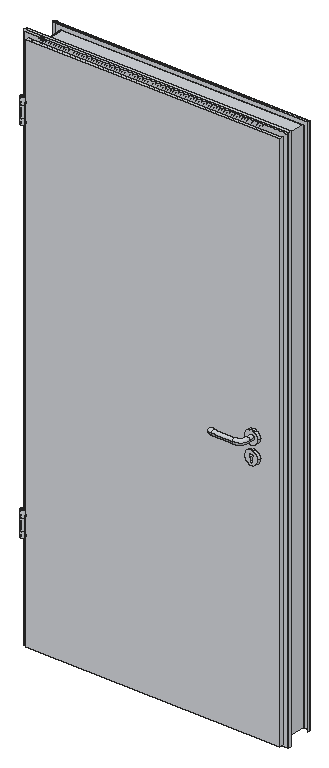
Revit family "BOS-Eckzarge-15ZUud_Familie", category Türen, Revit 2017
Family settings
  Basisbauteil = Wand
  Immer vertikal = Ja
  Beim Laden mit Abzugskörper schneiden = Nein
  Gemeinsam genutzt = Nein
  Raumberechnungspunkt = Ja
Parameters (values of type "15ZUud")
  Öffnungswinkel [instance] = if(Öffnungswinkel   Aperture < Öffnungswinkel min., Öffnungswinkel min., if(Öffnungswinkel   Aperture > Öffnungswinkel max., Öffnungswinkel max., Öffnungswinkel   Aperture)) * if(DIN links   DIN Left, 1, -1)  # 0.00°
  Öffnungswinkel min. = 0.00°  # constant formula
  Öffnungswinkel max. = 180.00°  # constant formula
  Öffnungswinkel   Aperture [instance] = 0.00°
  Wandstärke min. [instance] = GT Gesamttiefe  # 129.5 mm
  Wandstärke [instance] = if(Wandstärke   Wall Thickness < Wandstärke min., Wandstärke min., Wandstärke   Wall Thickness)  # 200 mm
  Türblattaufschlag = 13 mm  # constant formula
  Türblattabstand links-rechts = 3.5 mm  # constant formula
  Spiegel vorne min. = 30 mm  # constant formula
  Spiegel vorne max. = 80 mm  # constant formula
  Sickentiefe = 10 mm  # constant formula
  Putzwinkel min. = 10 mm  # constant formula
  Putzwinkel max. = 28 mm  # constant formula
  Leibungstiefe min. = if([15ZUud], 76 mm, if([15ZUsd], 74 mm, if([15ZUuFd], 52 mm, 49 mm)))  # 76 mm
  Leibungstiefe max. = GT max. - Falztiefe gesamt  # 290.5 mm
  Leibungstiefe   Soffit Depth [instance] = 76 mm
  Leibungstiefe [instance] = if(Leibungstiefe   Soffit Depth < Leibungstiefe min., Leibungstiefe min., if(Leibungstiefe   Soffit Depth > Leibungstiefe max., Leibungstiefe max., Leibungstiefe   Soffit Depth))  # 76 mm
  GT min. [instance] = MW min. + Putzwinkel vorne + Putzwinkel hinten  # 104.5 mm
  Drehpunktreferenz horizontal = 500 mm  # constant formula
  Türblattversatz vertikal = if(Gefälzt, -3.5 mm, 15.5 mm)  # -3.5 mm
  Türblattversatz  horizontal = if(Gefälzt, 11.5 mm, 6 mm)  # 11.5 mm
  Türblattabstand 3 = 4.5 mm  # constant formula
  Türblattabstand 2 = 4.5 mm  # constant formula
  Türblattabstand 1 = if(Gefälzt, 1.5 mm, -2 mm)  # 1.5 mm
  Wandstärke   Wall Thickness [instance] = 200 mm
  Stumpf = or([15ZUsd], [15ZUsFd])  # no
  VX Bänder [instance] = 1 < 2  # yes
  RRH Rohbau_Richtmaß_Höhe   Structural Wall Opening Height Measurement [instance] = FMH Falzmaß Höhe + Einfügepunkt  # 2125 mm
  RRB Rohbau_Richtmaß_Breite   Structural Wall Opening Width Measurement [instance] = FMB Falzmaß Breite + (2 * Einfügepunkt)  # 1000 mm
  Putzwinkel vorne   Backbend Front [instance] = 15 mm  # constant formula
  Putzwinkel hinten   Backbend Back [instance] = 10 mm  # constant formula
  LDH Lichte Durchgangs Höhe   Clearance Height [instance] = FMH Falzmaß Höhe - Falzaufschlag gesamt  # 2093 mm
  LDB Lichte Durchgangs Breite   Clearance Width [instance] = FMB Falzmaß Breite - (2 * Falzaufschlag gesamt)  # 936 mm
  Gefälzt = or([15ZUud], [15ZUuFd])  # yes
  URL = "www.BestOfSteel.de/stahlzargen/zargen-fuer-drehfluegeltueren/eckzargen/"
  Türblattstärke 3 = if(Doppelfalz, Falztiefe 2, 0 mm)  # 0 mm
  Türblattstärke 2 = Türblattstärke - Türblattstärke 1 - Türblattstärke 3  # 25.5 mm
  Türblattstärke 1 = if(Gefälzt, 14.5 mm, 0 mm)  # 14.5 mm
  Türblattstärke = if(Einfachfalz, 40 mm, 65 mm)  # 40 mm
  Typenbild = <Keine Auswahl>
  Spiegel vorne   Architrave Front [instance] = 30 mm
  Spiegel vorne [instance] = if(Spiegel vorne   Architrave Front < Spiegel vorne min., Spiegel vorne min., if(Spiegel vorne   Architrave Front > Spiegel vorne max., Spiegel vorne max., Spiegel vorne   Architrave Front))  # 30 mm
  Rough Height = 0 mm  # constant formula
  Rough Width = 0 mm  # constant formula
  Rechtliche Hinweise [instance] = "www.BestOfSteel.de/tools-downloads/bim-building-information-modeling/"
  Putzwinkel vorne [instance] = if(Putzwinkel vorne   Backbend Front < Putzwinkel min., Putzwinkel min., if(Putzwinkel vorne   Backbend Front > Putzwinkel max., Putzwinkel max., Putzwinkel vorne   Backbend Front))  # 15 mm
  Putzwinkel hinten [instance] = if(Putzwinkel hinten   Backbend Back < Putzwinkel min., Putzwinkel min., if(Putzwinkel hinten   Backbend Back > Putzwinkel max., Putzwinkel max., Putzwinkel hinten   Backbend Back))  # 10 mm
  MW min. [instance] = Leibungstiefe min. + Falztiefe gesamt - Putzwinkel vorne - Putzwinkel hinten  # 79.5 mm
  MW max. [instance] = GT max. - Putzwinkel vorne - Putzwinkel hinten  # 294 mm
  Information in English = no
  GT max. = if(Gefälzt, 319 mm, 344 mm)  # 319 mm
  GT Gesamttiefe [instance] = GT Gesamttiefe_Zarge   Total Profile Depth  # 129.5 mm
  Funktion = Innen
  Falztiefe gesamt = if(Einfachfalz, Falztiefe, Falztiefe + Falztiefe 2)  # 28.5 mm
  Falztiefe 2 = 25 mm  # constant formula
  Falztiefe = Türblattstärke 2 - Türblattabstand 1 + Türblattabstand 2  # 28.5 mm
  Falzaufschlag gesamt = if(Einfachfalz, Falzaufschlag, 2 * Falzaufschlag)  # 15 mm
  FMH min. = 1608 mm  # constant formula
  FMH max. = 2858 mm  # constant formula
  FMH Falzmaß_Höhe   Rebate Height Measurement [instance] = 2108 mm
  FMH Falzmaß Höhe [instance] = if(FMH Falzmaß_Höhe   Rebate Height Measurement < FMH min., FMH min., if(FMH Falzmaß_Höhe   Rebate Height Measurement > FMH max., FMH max., FMH Falzmaß_Höhe   Rebate Height Measurement))  # 2108 mm
  FMB min. = 591 mm  # constant formula
  FMB max. = 1342 mm  # constant formula
  FMB Falzmaß_Breite   Rebate Width Measurement [instance] = 966 mm
  FMB Falzmaß Breite [instance] = if(FMB Falzmaß_Breite   Rebate Width Measurement < FMB min., FMB min., if(FMB Falzmaß_Breite   Rebate Width Measurement > FMB max., FMB max., FMB Falzmaß_Breite   Rebate Width Measurement))  # 966 mm
  Drückerhöhe [instance] = if(Drückerhöhe   Handle Height < 850 mm, 850 mm, if(Drückerhöhe   Handle Height > 1050 mm, 1050 mm, Drückerhöhe   Handle Height))  # 1050 mm
  Drehpunkt Warnung sichtbar = yes
  Drehpunkt Warnung [instance] = and(Drehpunkt Warnung sichtbar, not(Öffnungswinkel = 0.00°))  # no
  Doppelfalz = or([15ZUuFd], [15ZUsFd])  # no
  Einfachfalz = or([15ZUud], [15ZUsd])  # yes
  Dichtungsversatz vertikal 2 [instance] = Falztiefe + Sickentiefe - Putzwinkel vorne + Falztiefe 2  # 48.5 mm
  Dichtungsversatz vertikal 1 [instance] = Falztiefe + Sickentiefe - Putzwinkel vorne  # 23.5 mm
  Dichtungsversatz horizontal 2 [instance] = Falzaufschlag  # 15 mm
  Dichtungsversatz horizontal 1 [instance] = 0 mm  # constant formula
  Dichtung 2 = Doppelfalz  # no
  Dichtung 1 = or(Einfachfalz, Doppelfalz)  # yes
  Drehpunktposition vertikal [instance] = (Wandstärke   Wall Thickness / 2) + Putzwinkel vorne + [Drehpunktabstand (SP) vertikal]  # 127.5 mm
  Drehpunktposition horizontal [instance] = Drehpunktreferenz horizontal + Einfügepunkt + if(DIN links   DIN Left, FMB Falzmaß Breite + [Drehpunktabstand (FM) horizontal], -[Drehpunktabstand (FM) horizontal])  # 1504 mm
  Drehpunktabstand (FM) horizontal = if(Gefälzt, 21 mm, 2.5 mm)  # 21 mm
  Drehpunktabstand (SP) vertikal = if(Gefälzt, 12.5 mm, 13.5 mm)  # 12.5 mm
  Bänder - Auswahl [instance] = if(Gefälzt, "3D Bänder gefälzt, Bandaufnahmen BVX11000", "3D Bänder stumpf, Bandaufnahmen BVX11000")  # "3D Bänder gefälzt, Bandaufnahmen BVX11000"
  Blechstärke = 1.5 mm  # constant formula
  BE max. = 100 mm  # constant formula
  BE Bodeneinstand [instance] = if(BE Bodeneinstand   Foundation Bedding < 0 mm, 0 mm, if(BE Bodeneinstand   Foundation Bedding > BE max., BE max., BE Bodeneinstand   Foundation Bedding))  # 0 mm
  Nivellierankerabstand vorne = Türblattstärke 1 + Türblattstärke 2 - 40 mm  # 0 mm
  15ZUsFd = no
  15ZUuFd = no
  Modell = "15ZUud"
  Material - Zarge = none
  Material - Türblatt = none
  Material - Drückergarnitur = none
  Material - Dichtung = none
  Material - Bänder = none
  Material = "grundiert, feuerverzinktes Feinblech nach DIN EN 10143"
  MW Maulweite   Receiving Opening [instance] = Falztiefe gesamt + Leibungstiefe  # 104.5 mm
  Height [instance] = RRH Rohbau_Richtmaß_Höhe   Structural Wall Opening Height Measurement  # 2125 mm
  Hersteller = "BOS GmbH Best Of Steel, Lütkenfelde 4, D-48282 Emsdetten"
  GT Gesamttiefe_Zarge   Total Profile Depth [instance] = MW Maulweite   Receiving Opening + Putzwinkel vorne + Putzwinkel hinten  # 129.5 mm
  MW Fehler [instance] = Wandstärke   Wall Thickness < Wandstärke min.  # no
  Einfügepunkt = 17 mm  # constant formula
  Drückerhöhe   Handle Height [instance] = 1050 mm
  Drückergarnitur [instance] = 1 < 2  # yes
  Dicke = 0 mm  # constant formula
  DIN rechts   DIN Right [instance] = not(DIN links   DIN Left)  # no
  DIN links oder rechts [instance] = if(DIN links   DIN Left, "DIN links", "DIN rechts")  # "DIN links"
  DIN links   DIN Left [instance] = yes
  15ZUud = yes
  15ZUsd = no
  Width = 0 mm  # constant formula
  Beschreibung = "2-schalige Eckzarge, gefälzt"
  Bauelement = "BOS Stahlzarge"
  BOS-Architekten-Beratung = "Tel.: +49 (0) 2572 203-203; E-Mail: architekten@BestOfSteel.de"
  BE Bodeneinstand   Foundation Bedding [instance] = 0 mm
  BBL1 Bandbezugslinie   Hinge Position 1 = 241 mm  # constant formula
  BA Bandabstand   Distance Between Hinges [instance] = if(FMH Falzmaß Höhe < 1546 mm, 935 mm, if(FMH Falzmaß Höhe < 1671 mm, 1060 mm, if(FMH Falzmaß Höhe < 1796 mm, 1185 mm, if(FMH Falzmaß Höhe < 1921 mm, 1310 mm, if(FMH Falzmaß Höhe < 2171 mm, 1435 mm, if(FMH Falzmaß Höhe < 2296 mm, 1685 mm, if(FMH Falzmaß Höhe < 2421 mm, 1810 mm, if(FMH Falzmaß Höhe < 2546 mm, 1935 mm, if(FMH Falzmaß Höhe < 2671 mm, 2060 mm, if(FMH Falzmaß Höhe < 2796 mm, 2185 mm, 2310 mm))))))))))  # 1435 mm
  Falzaufschlag = 15 mm  # constant formula
  Technische Infos rund um die Stahlzarge = "www.BestOfSteel.de/tools-downloads/technische-infos-rund-um-die-stahlzarge/"
  Info-Texte sichtbar = yes
Reference planes
  plane 1 "Wand": y = 0
  plane 2 "Mitte (Links/rechts)": x = 125
  plane 3 "Hinten": y = 100
  plane 4 "Vorne": y = -100
  plane 5 "RRB links": x = -375
  plane 6 "RRB rechts": x = 625
  plane 7 "RRH oben": z = 2125
  plane 8 "BBL1": z = 1867
  plane 9 "Drückerhöhe": z = 1050
  plane 10 "BBL2": z = 432
  plane 11 "BE": z = 0
  plane 12 "FMH oben": z = 2108
  plane 13 "BE max.": z = -100
  plane 14 "FMB links": x = -358
  plane 15 "FMB rechts": x = 608
  plane 16 "Drehpunkt vertikal": y = -127.5
  plane 17 "Drehpunkt horizontal": x = -379
  plane 18 "Drehpunktreferenz horizontal": x = 1125
Forms (mm)
  Sweep 1, solid, material <- "Material - Zarge", visible <- "Einfachfalz", detail levels medium+fine
    path origin (0, -100, 0) x (-1, 0, 0) y (0, 0, 1)
      loop
        line (375, 0) -> (375, 2125) -> (-625, 2125) -> (-625, 0)
    profile "BOS-15ZUud-15ZUsd_Profil : BOS-15ZUud-15ZUsd_Profil" origin (-375, -100, 1062.5) x (1, 0, 0) y (0, 1, 0)
      loop
        line (17.5, 25) -> (16, 25)
        arc (16, 25) -> (15.646, 24.854) -> (15.5, 24.5) r 0.5
        line (15.5, 24.5) -> (15.5, 23)
        arc (15.5, 23) -> (16.086, 24.414) -> (17.5, 25) r 2
      loop
        arc (7.5, 114.5) -> (5.732, 113.768) -> (5, 112) r 2.5
        line (5, 112) -> (5, 104.5) -> (6.5, 104.5) -> (6.5, 112)
        arc (6.5, 112) -> (6.793, 112.707) -> (7.5, 113) r 1
        line (7.5, 113) -> (29.5, 113)
        arc (29.5, 113) -> (30.207, 112.707) -> (30.5, 112) r 1
        line (30.5, 112) -> (30.5, 16.25)
        arc (30.5, 16.25) -> (29.159, 15.003) -> (28.013, 16.431) r 1.25
        line (28.013, 16.431) -> (28.983, 23.066)
        arc (28.983, 23.066) -> (28.284, 25.462) -> (26.015, 26.5) r 3
        line (26.015, 26.5) -> (16, 26.5)
        arc (16, 26.5) -> (14.586, 25.914) -> (14, 24.5) r 2
        line (14, 24.5) -> (14, 16.5) -> (15.5, 16.5) -> (15.5, -12.5)
        arc (15.5, -12.5) -> (15.207, -13.207) -> (14.5, -13.5) r 1
        line (14.5, -13.5) -> (-10.5, -13.5)
        arc (-10.5, -13.5) -> (-11.207, -13.207) -> (-11.5, -12.5) r 1
        line (-11.5, -12.5) -> (-11.5, 0) -> (-13, 0) -> (-13, -12.5)
        arc (-13, -12.5) -> (-12.268, -14.268) -> (-10.5, -15) r 2.5
        line (-10.5, -15) -> (14.5, -15)
        arc (14.5, -15) -> (16.268, -14.268) -> (17, -12.5) r 2.5
        line (17, -12.5) -> (17, 23)
        arc (17, 23) -> (17.146, 23.354) -> (17.5, 23.5) r 0.5
        line (17.5, 23.5) -> (25, 23.5) -> (25, 25) -> (26.015, 25)
        arc (26.015, 25) -> (27.15, 24.481) -> (27.499, 23.283) r 1.5
        line (27.499, 23.283) -> (26.529, 16.648)
        arc (26.529, 16.648) -> (29.051, 13.507) -> (32, 16.25) r 2.75
        line (32, 16.25) -> (32, 112)
        arc (32, 112) -> (31.268, 113.768) -> (29.5, 114.5) r 2.5
        line (29.5, 114.5) -> (7.5, 114.5)
  Sweep 2, solid, material <- "Material - Dichtung", visible <- "Dichtung 1", detail levels medium+fine
    path origin (0, -100, 0) x (-1, 0, 0) y (0, 0, 1)
      loop
        line (358, 0) -> (358, 2108) -> (-608, 2108) -> (-608, 0)
    profile "BOS-Dichtung_Profil : BOS-Dichtung_Profil" origin (-358, -100, 1054) x (1, 0, 0) y (0, 1, 0)
      loop
        arc (2.601, 22.263) -> (2.248, 22.116) -> (2.102, 21.763) r 0.5
        line (2.102, 21.763) -> (2.102, 17.634)
        arc (2.102, 17.634) -> (2.243, 17.254) -> (2.599, 17.057) r 0.584
        line (2.599, 17.057) -> (7.702, 16.28)
        arc (7.702, 16.28) -> (8.08, 16.392) -> (8.234, 16.754) r 0.462
        line (8.234, 16.754) -> (8.069, 20.992)
        arc (8.069, 20.992) -> (7.918, 21.403) -> (7.556, 21.65) r 0.716
        arc (7.556, 21.65) -> (5.104, 22.16) -> (2.601, 22.263) r 15.257
      loop
        arc (2.671, 15.957) -> (2.274, 15.838) -> (2.102, 15.46) r 0.501
        line (2.102, 15.46) -> (2.102, 12.565)
        arc (2.102, 12.565) -> (2.227, 12.151) -> (2.561, 11.874) r 0.75
        line (2.561, 11.874) -> (9.159, 10)
        arc (9.159, 10) -> (9.738, 9.926) -> (10.314, 10.026) r 1.962
        arc (10.314, 10.026) -> (11.596, 10.754) -> (12.503, 11.916) r 3.79
        arc (12.503, 11.916) -> (12.466, 12.289) -> (12.114, 12.416) r 0.351
        arc (12.114, 12.416) -> (9.731, 12.818) -> (8.301, 14.767) r 3.215
        arc (8.301, 14.767) -> (8.101, 15.097) -> (7.751, 15.259) r 0.66
        line (7.751, 15.259) -> (2.671, 15.957)
      loop
        arc (9.885, 21.692) -> (6.361, 23.049) -> (2.611, 23.5) r 15.273
        arc (2.611, 23.5) -> (1.229, 23.241) -> (0, 22.558) r 4.388
        arc (0, 22.558) -> (-0.126, 22.198) -> (0.203, 22.005) r 0.3
        line (0.203, 22.005) -> (1.052, 22.179) -> (1.052, 17.212) -> (0.253, 16.589)
        arc (0.253, 16.589) -> (0.158, 16.198) -> (0.517, 16.017) r 0.324
        arc (0.517, 16.017) -> (0.888, 15.925) -> (1.052, 15.58) r 0.446
        line (1.052, 15.58) -> (1.052, 12.338) -> (0.255, 11.575)
        arc (0.255, 11.575) -> (0.205, 11.209) -> (0.55, 11.077) r 0.297
        arc (0.55, 11.077) -> (1.217, 11.194) -> (1.892, 11.137) r 2.63
        line (1.892, 11.137) -> (9.198, 9.049)
        arc (9.198, 9.049) -> (9.621, 9.008) -> (10.045, 9.024) r 3.219
        arc (10.045, 9.024) -> (12.714, 10.531) -> (14.033, 13.298) r 5.088
        arc (14.033, 13.298) -> (13.874, 13.708) -> (13.442, 13.788) r 0.451
        line (13.442, 13.788) -> (12.151, 13.352)
        arc (12.151, 13.352) -> (10.406, 13.72) -> (9.336, 15.147) r 2.533
        line (9.336, 15.147) -> (9.088, 20.569)
        arc (9.088, 20.569) -> (9.253, 20.964) -> (9.663, 21.087) r 0.501
        arc (9.663, 21.087) -> (10.021, 21.299) -> (9.885, 21.692) r 0.329
  Sweep 3, solid, material <- "Material - Zarge", visible <- "Doppelfalz", detail levels medium+fine
    path origin (0, -100, 0) x (-1, 0, 0) y (0, 0, 1)
      loop
        line (375, 0) -> (375, 2125) -> (-625, 2125) -> (-625, 0)
    profile "BOS-15ZUuFd-15ZUsFd_Profil : BOS-15ZUuFd-15ZUsFd_Profil" origin (-375, -100, 1062.5) x (1, 0, 0) y (0, 1, 0)
      loop
        line (17.5, 25) -> (16, 25)
        arc (16, 25) -> (15.646, 24.854) -> (15.5, 24.5) r 0.5
        line (15.5, 24.5) -> (15.5, 23)
        arc (15.5, 23) -> (16.086, 24.414) -> (17.5, 25) r 2
      loop
        line (27.499, 23.283) -> (26.529, 16.648)
        arc (26.529, 16.648) -> (29.051, 13.507) -> (32, 16.25) r 2.75
        line (32, 16.25) -> (32, 47.5)
        arc (32, 47.5) -> (32.293, 48.207) -> (33, 48.5) r 1
        line (33, 48.5) -> (41, 48.5)
        arc (41, 48.5) -> (42.154, 47.958) -> (42.475, 46.725) r 1.5
        line (42.475, 46.725) -> (41.547, 41.755)
        arc (41.547, 41.755) -> (43.996, 38.512) -> (47, 41.25) r 2.75
        line (47, 41.25) -> (47, 112)
        arc (47, 112) -> (46.268, 113.768) -> (44.5, 114.5) r 2.5
        line (44.5, 114.5) -> (22.5, 114.5)
        arc (22.5, 114.5) -> (20.732, 113.768) -> (20, 112) r 2.5
        line (20, 112) -> (20, 104.5) -> (21.5, 104.5) -> (21.5, 112)
        arc (21.5, 112) -> (21.793, 112.707) -> (22.5, 113) r 1
        line (22.5, 113) -> (44.5, 113)
        arc (44.5, 113) -> (45.207, 112.707) -> (45.5, 112) r 1
        line (45.5, 112) -> (45.5, 41.25)
        arc (45.5, 41.25) -> (44.135, 40.005) -> (43.021, 41.479) r 1.25
        line (43.021, 41.479) -> (43.949, 46.449)
        arc (43.949, 46.449) -> (43.308, 48.917) -> (41, 50) r 3
        line (41, 50) -> (33, 50)
        arc (33, 50) -> (31.232, 49.268) -> (30.5, 47.5) r 2.5
        line (30.5, 47.5) -> (30.5, 16.25)
        arc (30.5, 16.25) -> (29.159, 15.003) -> (28.013, 16.431) r 1.25
        line (28.013, 16.431) -> (28.983, 23.066)
        arc (28.983, 23.066) -> (28.284, 25.462) -> (26.015, 26.5) r 3
        line (26.015, 26.5) -> (16, 26.5)
        arc (16, 26.5) -> (14.586, 25.914) -> (14, 24.5) r 2
        line (14, 24.5) -> (14, 16.5) -> (15.5, 16.5) -> (15.5, -12.5)
        arc (15.5, -12.5) -> (15.207, -13.207) -> (14.5, -13.5) r 1
        line (14.5, -13.5) -> (-10.5, -13.5)
        arc (-10.5, -13.5) -> (-11.207, -13.207) -> (-11.5, -12.5) r 1
        line (-11.5, -12.5) -> (-11.5, 0) -> (-13, 0) -> (-13, -12.5)
        arc (-13, -12.5) -> (-12.268, -14.268) -> (-10.5, -15) r 2.5
        line (-10.5, -15) -> (14.5, -15)
        arc (14.5, -15) -> (16.268, -14.268) -> (17, -12.5) r 2.5
        line (17, -12.5) -> (17, 23)
        arc (17, 23) -> (17.146, 23.354) -> (17.5, 23.5) r 0.5
        line (17.5, 23.5) -> (25, 23.5) -> (25, 25) -> (26.015, 25)
        arc (26.015, 25) -> (27.15, 24.481) -> (27.499, 23.283) r 1.5
  Sweep 4, solid, material <- "Material - Dichtung", visible <- "Dichtung 2", detail levels medium+fine
    path origin (0, -100, 0) x (-1, 0, 0) y (0, 0, 1)
      loop
        line (358, 0) -> (358, 2108) -> (-608, 2108) -> (-608, 0)
    profile "BOS-Dichtung_Profil : BOS-Dichtung_Profil" origin (-358, -100, 1054) x (1, 0, 0) y (0, 1, 0)
      loop
        arc (17.601, 47.263) -> (17.248, 47.116) -> (17.102, 46.763) r 0.5
        line (17.102, 46.763) -> (17.102, 42.634)
        arc (17.102, 42.634) -> (17.243, 42.254) -> (17.599, 42.057) r 0.584
        line (17.599, 42.057) -> (22.702, 41.28)
        arc (22.702, 41.28) -> (23.08, 41.392) -> (23.234, 41.754) r 0.462
        line (23.234, 41.754) -> (23.069, 45.992)
        arc (23.069, 45.992) -> (22.918, 46.403) -> (22.556, 46.65) r 0.716
        arc (22.556, 46.65) -> (20.104, 47.16) -> (17.601, 47.263) r 15.257
      loop
        arc (17.671, 40.957) -> (17.274, 40.838) -> (17.102, 40.46) r 0.501
        line (17.102, 40.46) -> (17.102, 37.565)
        arc (17.102, 37.565) -> (17.227, 37.151) -> (17.561, 36.874) r 0.75
        line (17.561, 36.874) -> (24.159, 35)
        arc (24.159, 35) -> (24.738, 34.926) -> (25.314, 35.026) r 1.962
        arc (25.314, 35.026) -> (26.596, 35.754) -> (27.503, 36.916) r 3.79
        arc (27.503, 36.916) -> (27.466, 37.289) -> (27.114, 37.416) r 0.351
        arc (27.114, 37.416) -> (24.731, 37.818) -> (23.301, 39.767) r 3.215
        arc (23.301, 39.767) -> (23.101, 40.097) -> (22.751, 40.259) r 0.66
        line (22.751, 40.259) -> (17.671, 40.957)
      loop
        arc (24.885, 46.692) -> (21.361, 48.049) -> (17.611, 48.5) r 15.273
        arc (17.611, 48.5) -> (16.229, 48.241) -> (15, 47.558) r 4.388
        arc (15, 47.558) -> (14.874, 47.198) -> (15.203, 47.005) r 0.3
        line (15.203, 47.005) -> (16.052, 47.179) -> (16.052, 42.212) -> (15.253, 41.589)
        arc (15.253, 41.589) -> (15.158, 41.198) -> (15.517, 41.017) r 0.324
        arc (15.517, 41.017) -> (15.888, 40.925) -> (16.052, 40.58) r 0.446
        line (16.052, 40.58) -> (16.052, 37.338) -> (15.255, 36.575)
        arc (15.255, 36.575) -> (15.205, 36.209) -> (15.55, 36.077) r 0.297
        arc (15.55, 36.077) -> (16.217, 36.194) -> (16.892, 36.137) r 2.63
        line (16.892, 36.137) -> (24.198, 34.049)
        arc (24.198, 34.049) -> (24.621, 34.008) -> (25.045, 34.024) r 3.219
        arc (25.045, 34.024) -> (27.714, 35.531) -> (29.033, 38.298) r 5.088
        arc (29.033, 38.298) -> (28.874, 38.708) -> (28.442, 38.788) r 0.451
        line (28.442, 38.788) -> (27.151, 38.352)
        arc (27.151, 38.352) -> (25.406, 38.72) -> (24.336, 40.147) r 2.533
        line (24.336, 40.147) -> (24.088, 45.569)
        arc (24.088, 45.569) -> (24.253, 45.964) -> (24.663, 46.087) r 0.501
        arc (24.663, 46.087) -> (25.021, 46.299) -> (24.885, 46.692) r 0.329
Lines and regions (mm)
  Opening 1
    outline origin (-5000, -100, 0) x (1, 0, 0) y (0, 0, 1)
      loop
        line (5625, 0) -> (5625, 2125) -> (4625, 2125) -> (4625, 0) -> (5625, 0)
  reference lines
    curve 1: line (65, 650, 0) -> (185, 650, 0)
    curve 2: line (-379, -127.5, 0) -> (321, -127.5, 0)
    curve 3: line (65, -350, 0) -> (185, -350, 0)
    curve 4: line (65, -650, 0) -> (185, -650, 0)
  symbolic lines, style "DoorsHiddenLines", visible <- "DIN links   DIN Left", detail levels coarse
    curve 5: arc (625, -100, 0) -> (332.107, -807.107, 0) -> (-375, -1100, 0) r 1000
  symbolic lines, style "Doors", visible <- "DIN links   DIN Left", detail levels coarse
    curve 6: line (-375, -100, 0) -> (-375, -1100, 0)
  symbolic lines, style "DoorsHiddenLines", visible <- "DIN rechts   DIN Right", detail levels coarse
    curve 7: arc (-375, -100, 0) -> (-82.107, -807.107, 0) -> (625, -1100, 0) r 1000
  symbolic lines, style "Doors", visible <- "DIN rechts   DIN Right", detail levels coarse
    curve 8: line (625, -100, 0) -> (625, -1100, 0)
Text (mm)
  text "Außen     " at (-1696.17, 830.944, 0), in view "Ref.-Ebene"
  text "Außen" at (0, 1409.804, 2854.306), in view "Links"
  text "Placement side" at (0, 499.811, 2980.732), in view "Rechts"
Dimensions and locks
  locked: plane 3 "Hinten" to host wall
  locked: host wall to plane 4 "Vorne" at 0
  equal spacing: plane 5 "RRB links", plane 2 "Mitte (Links/rechts)", plane 6 "RRB rechts"
  "RRB Rohbau_Richtmaß_Breite   Structural Wall Opening Width Measurement": plane 5 "RRB links" to plane 6 "RRB rechts"
  "Drückerhöhe": level to plane 9 "Drückerhöhe"
  "BE Bodeneinstand": plane 11 "BE" to level
  "Wandstärke   Wall Thickness": host wall to host wall
  "BBL1 Bandbezugslinie   Hinge Position 1": plane 12 "FMH oben" to plane 8 "BBL1"
  "BA Bandabstand   Distance Between Hinges": plane 8 "BBL1" to plane 10 "BBL2"
  "FMH Falzmaß Höhe": plane 12 "FMH oben" to level
  "RRH Rohbau_Richtmaß_Höhe   Structural Wall Opening Height Measurement": plane 7 "RRH oben" to level
  curve 4 to curve 3 to plane 4 "Vorne" to plane 3 "Hinten" to curve 1 = 300 mm, 250 mm, 200 mm, 550 mm
  "BE max.": level to plane 13 "BE max."
  equal spacing: plane 14 "FMB links", plane 2 "Mitte (Links/rechts)", plane 15 "FMB rechts"
  "FMB Falzmaß Breite": plane 14 "FMB links" to plane 15 "FMB rechts"
  "Drehpunktposition vertikal": host wall to plane 16 "Drehpunkt vertikal"
  "Drehpunktreferenz horizontal": plane 6 "RRB rechts" to plane 18 "Drehpunktreferenz horizontal"
  "Drehpunktposition horizontal": plane 17 "Drehpunkt horizontal" to plane 18 "Drehpunktreferenz horizontal"
  "Öffnungswinkel": angle curve 2 to plane 16 "Drehpunkt vertikal"
  aligned and locked: plane 1 "Wand" to host wall
  aligned and locked: plane 6 "RRB rechts" to nested 1
  aligned and locked: nested 1 to plane 4 "Vorne"
  aligned and locked: plane 9 "Drückerhöhe" to nested 1
  aligned and locked: Sweep 2 sketch curve to plane 14 "FMB links"
  aligned and locked: Sweep 2 sketch curve to plane 12 "FMH oben"
  aligned and locked: Sweep 2 sketch curve to plane 15 "FMB rechts"
  aligned and locked: Sweep 4 sketch curve to plane 15 "FMB rechts"
  aligned and locked: Sweep 4 sketch curve to plane 12 "FMH oben"
  aligned and locked: Sweep 4 sketch curve to plane 14 "FMB links"
  aligned and locked: plane 5 "RRB links" to nested 2
  aligned and locked: plane 4 "Vorne" to nested 2
  aligned and locked: nested 3 to plane 4 "Vorne"
  aligned and locked: plane 6 "RRB rechts" to nested 3
  aligned and locked: plane 16 "Drehpunkt vertikal" to curve 2
  aligned and locked: plane 17 "Drehpunkt horizontal" to curve 2
  aligned and locked: curve 2 to nested 4
  aligned and locked: nested 6 to plane 10 "BBL2"
  aligned and locked: plane 8 "BBL1" to nested 5
  aligned and locked: plane 17 "Drehpunkt horizontal" to nested 5
  aligned and locked: plane 17 "Drehpunkt horizontal" to nested 6
  aligned and locked: plane 16 "Drehpunkt vertikal" to nested 5
  aligned and locked: plane 16 "Drehpunkt vertikal" to nested 6
  aligned and locked: curve 1 to nested 10
  aligned and locked: plane 2 "Mitte (Links/rechts)" to nested 10
  aligned and locked: plane 18 "Drehpunktreferenz horizontal" to nested 8
  aligned and locked: plane 1 "Wand" to nested 8
  aligned and locked: nested 9 to plane 2 "Mitte (Links/rechts)"
  aligned and locked: curve 3 to nested 7
  aligned and locked: nested 7 to plane 2 "Mitte (Links/rechts)"
  aligned and locked: nested 2 to nested 11
  aligned and locked: nested 11 to Sweep 1
Automatic sketch dimensions
  Opening 1 sketch curve to level = 0 mm
  Opening 1 sketch curve to plane 5 "RRB links" = 0 mm
  Opening 1 sketch curve to plane 6 "RRB rechts" = 0 mm
  Opening 1 sketch curve to plane 7 "RRH oben" = 0 mm
  Sweep 1 sketch curve to plane 6 "RRB rechts" = 0 mm
  Sweep 1 sketch curve to plane 5 "RRB links" = 0 mm
  Sweep 1 sketch curve to plane 11 "BE" = 0 mm  (x2)
  Sweep 1 sketch curve to plane 7 "RRH oben" = 0 mm
  Sweep 2 sketch curve to level = 0 mm  (x2)
  Sweep 3 sketch curve to plane 6 "RRB rechts" = 0 mm
  Sweep 3 sketch curve to plane 5 "RRB links" = 0 mm
  Sweep 3 sketch curve to plane 11 "BE" = 0 mm  (x2)
  Sweep 3 sketch curve to plane 7 "RRH oben" = 0 mm
  Sweep 4 sketch curve to level = 0 mm  (x2)
  host wall to curve 7 = 0 mm
  curve 6 to plane 5 "RRB links" = 0 mm
  host wall to curve 8 = 0 mm
  host wall to curve 5 = 0 mm
  curve 5 to plane 6 "RRB rechts" = 0 mm
  host wall to curve 6 = 0 mm
  curve 7 to plane 5 "RRB links" = 0 mm
  curve 8 to plane 6 "RRB rechts" = 0 mm
  curve 4 to plane 2 "Mitte (Links/rechts)" = 60 mm
  curve 3 to plane 2 "Mitte (Links/rechts)" = 60 mm
  curve 1 to plane 2 "Mitte (Links/rechts)" = 60 mm
  plane 2 "Mitte (Links/rechts)" to curve 3 = 60 mm
  plane 2 "Mitte (Links/rechts)" to curve 4 = 60 mm
  plane 2 "Mitte (Links/rechts)" to curve 1 = 60 mm
Nested families
  nested 1: "BOS-BOS_Modell" at (625, -100, 1050), type "BOS-BOS_Modell", not visible
    with Abstand 17 mm
  nested 2: "BOS-Nivellieranker_Detail" at (-375, -116.747, 0), type "BOS-Nivellieranker_Detail", detail levels fine
    with Nivellierankerlänge 105 mm, MW Maulweite 104.5 mm, GT Gesamttiefe 129.5 mm, Einfügepunkt 17 mm, Ankergröße 1
  nested 3: "BOS-Nivellieranker_Detail" at (625, -116.747, 0) x (-1, 0, 0) z (0, 0, 1), type "BOS-Nivellieranker_Detail", detail levels fine
    with Nivellierankerlänge 105 mm, MW Maulweite 104.5 mm, GT Gesamttiefe 129.5 mm, Einfügepunkt 17 mm, Ankergröße 1
  nested 4: "BOS-Türblatt_Modell" at (125, -124, 0), type "BOS-Türblatt_Modell"
    with Glastürdrücker DIN rechts no, Glastürdrücker DIN links no, Drückergarnitur DIN rechts no, Drückergarnitur DIN links yes
  nested 5: "BOS-Band-VX_Modell" at (-379, -127.5, 1867), visible <- "VX Bänder", type "BOS-Band-VX_Modell", detail levels fine
  nested 6: "BOS-Band-VX_Modell" at (-379, -127.5, 432), visible <- "VX Bänder", type "BOS-Band-VX_Modell", detail levels fine
  nested 7: "BOS-Info-Texte_Beschriftung" at (125, -350.955, 0), visible <- "Drehpunkt Warnung", type "Drehpunkt Warnung"
  nested 8: "BOS-Info-Texte_Beschriftung" at (1125, -0.955, 0), visible <- "MW Fehler", type "Maulweite Fehlermeldung"
  nested 9: "BOS-Info-Texte_Beschriftung" at (125, -650.955, 0), visible <- "Info-Texte sichtbar", type "Rechtliche Hinweise"
  nested 10: "BOS-Info-Texte_Beschriftung" at (125, 649.045, 0), visible <- "Info-Texte sichtbar", type "Technische Hinweise"
  nested 11: "BOS-Logo_Modell" at (-361.5, 4.5, 0), type "BOS-Logo_Modell", detail levels fine
    with Abstand horizontal 4 mm
Definition of nested family "BOS-Türblatt_Modell"
  Parameters (values of type "BOS-Türblatt_Modell")
    Default Elevation = 1219.2 mm
    URL = "www.BestOfSteel.de"
    Türblattversatz vertikal = -3.5 mm
    Türblattversatz horizontal = 11.5 mm
    Technische Infos rund um die Stahlzarge = "www.BestOfSteel.de/tools-downloads/technische-infos-rund-um-die-stahlzarge/"
    Türblattaufschlag = 13 mm
    Türblattstärke 3 = 0 mm
    Türblattstärke 2 = 25.5 mm
    Türblattstärke 1 = 14.5 mm
    Türblattstärke = 40 mm
    Türblattabstand oben = 4 mm
    Türblattabstand unten = 7 mm
    Türblattabstand links-rechts = 3.5 mm
    TAH3 Türblatt Außenmaß Höhe 3 = FMH Zargen Falzmaß Höhe - Falzaufschlag - Türblattabstand oben - Türblattabstand unten  # 2082 mm
    TAH2 Türblatt Außenmaß Höhe 2 = FMH Zargen Falzmaß Höhe - Türblattabstand oben - Türblattabstand unten  # 2097 mm
    TAH Türblatt Außenmaß Höhe = FMH Zargen Falzmaß Höhe + if(Gefälzt, Türblattaufschlag, 0 mm) - Türblattabstand oben - Türblattabstand unten  # 2110 mm
    Stumpf = no
    Rechtliche Hinweise = "www.BestOfSteel.de/tools-downloads/bim-building-information-modeling/"
    Material - Türblatt = none
    Material - Drückergarnitur = none
    Glastürtdrücker = no
    Glastürdrücker DIN rechts [instance] = and(Glastürtdrücker, DIN rechts)  # no
    Glastürdrücker DIN links [instance] = and(Glastürtdrücker, DIN links)  # no
    Gefälzt = yes
    FMH Zargen Falzmaß Höhe = 2108 mm
    FMB Zargen Falzmaß Breite = 966 mm
    Einfachfalz = yes
    Drückerhöhe = 1050 mm
    Drückergarnitur = yes
    Drückerabstand = 100 mm
    Drehpunktabstand vertikal = (2 * Türblattstärke) + Türblattversatz vertikal  # 76.5 mm
    Drehpunktabstand horizontal = (TAB Türblatt Außenmass Breite / 2) + if(DIN links, -Türblattversatz horizontal, TAB Türblatt Außenmass Breite + Türblattversatz horizontal)  # 481 mm
    Doppelfalz = no
    Drückergarnitur DIN rechts [instance] = and(Drückergarnitur, DIN rechts)  # no
    Drückergarnitur DIN links [instance] = and(Drückergarnitur, DIN links)  # yes
    DIN rechts = no
    DIN links = yes
    Description = "Holz- oder Glastürblatt, mit Drücker, gefälzt oder stumpf"
    Keynote = "BOS Türblatt"
    TAB3 Türblatt Außenmass Breite Türblatt 3 = FMB Zargen Falzmaß Breite - 2 * (Falzaufschlag + [Türblattabstand links-rechts])  # 929 mm
    TAB Türblatt Außenmass Breite = FMB Zargen Falzmaß Breite + 2 * (if(Gefälzt, Türblattaufschlag, 0 mm) - [Türblattabstand links-rechts])  # 985 mm
    TAB2 Türblatt Außenmass Breite Türblatt 2 = FMB Zargen Falzmaß Breite - 2 * ([Türblattabstand links-rechts])  # 959 mm
    Falzaufschlag = 15 mm
    BOS-Architekten-Beratung = "Tel.: +49 (0) 2572 203-203; E-Mail: architekten@BestOfSteel.de"
  Reference planes
    plane 1: y = -7
    plane 2: z = 0
    plane 3: x = 0
    plane 4: z = 7
    plane 5: z = 2117
    plane 6: x = -492.5
    plane 7: x = 492.5
    plane 8: x = -479.5
    plane 9: x = 479.5
    plane 10: x = 464.5
    plane 11: x = -464.5
    plane 12: y = 7.5
    plane 13: y = 33
    plane 14: y = 33
    plane 15: z = 2104
    plane 16: z = 2089
    plane 17: x = -392.5
    plane 18: x = 392.5
    plane 19: y = 73
    plane 20: z = 1050
    plane 21: x = -502.5
    plane 22: x = 502.5
    plane 23: z = 2127
    plane 24: x = -985
    plane 25: x = -504
    plane 26: y = -3.5
  Forms (mm)
    Extrusion 1, solid, material <- "Material - Türblatt", detail levels medium+fine
      sketch origin (0, 0, 0) x (1, 0, 0) y (0, 1, 0)
        loop
          line (-492.5, 33) -> (-492.5, -7) -> (492.5, -7) -> (492.5, 33) -> (-492.5, 33)
      from 7 to 2117
    Extrusion 2, void
      sketch origin (0, 0, 0) x (1, 0, 0) y (0, 1, 0)
        loop
          line (-502.5, 73) -> (-502.5, 7.5) -> (-479.5, 7.5) -> (-479.5, 33) -> (-464.5, 33) -> (-464.5, 73) -> (-502.5, 73)
        loop
          line (464.5, 73) -> (464.5, 33) -> (479.5, 33) -> (479.5, 7.5) -> (502.5, 7.5) -> (502.5, 73) -> (464.5, 73)
      from 7 to 2117
    Extrusion 3, void
      sketch origin (0, 0, 0) x (0, 1, 0) y (0, 0, 1)
        loop
          line (73, 2127) -> (7.5, 2127) -> (7.5, 2104) -> (33, 2104) -> (33, 2089) -> (73, 2089) -> (73, 2127)
      from -492.5 to 492.5
  Cuts and joins
    Extrusion 2, Extrusion 3 cuts Extrusion 1
  Dimensions and locks
    "Türblattabstand unten": plane 4 to plane 2
    equal spacing: plane 6, plane 3, plane 7
    "TAB Türblatt Außenmass Breite": plane 6 to plane 7
    equal spacing: plane 8, plane 3, plane 9
    "TAB2 Türblatt Außenmass Breite Türblatt 2": plane 8 to plane 9
    equal spacing: plane 11, plane 3, plane 10
    "TAB3 Türblatt Außenmass Breite Türblatt 3": plane 11 to plane 10
    "Türblattstärke 1": plane 1 to plane 12
    "Türblattstärke 2": plane 13 to plane 12
    "Türblattstärke 3": plane 14 to plane 13
    "TAH Türblatt Außenmaß Höhe": plane 5 to plane 4
    "TAH2 Türblatt Außenmaß Höhe 2": plane 15 to plane 4
    "TAH3 Türblatt Außenmaß Höhe 3": plane 16 to plane 4
    "Drückerabstand": plane 6 to plane 17
    "Drückerabstand": plane 18 to plane 7
    "Türblattstärke": plane 19 to plane 14
    "Drückerhöhe": plane 20 to plane 2
    plane 21 to plane 6 = 10 mm
    plane 7 to plane 22 = 10 mm
    plane 23 to plane 5 = 10 mm
    "Drehpunktabstand horizontal": plane 24 to plane 25
    "TAB Türblatt Außenmass Breite": plane 24 to plane 3
    "Drehpunktabstand vertikal": plane 19 to plane 26
    aligned and locked: level to plane 2
    aligned and locked: Extrusion 1 sketch curve to plane 1
    aligned and locked: Extrusion 1 sketch curve to plane 6
    aligned and locked: Extrusion 1 sketch curve to plane 14
    aligned and locked: Extrusion 1 sketch curve to plane 7
    aligned and locked: Extrusion 1 to plane 4
    aligned and locked: plane 5 to Extrusion 1
    aligned and locked: plane 19 to Extrusion 2 sketch curve
    aligned and locked: plane 11 to Extrusion 2 sketch curve
    aligned and locked: plane 13 to Extrusion 2 sketch curve  (x2)
    aligned and locked: plane 8 to Extrusion 2 sketch curve
    aligned and locked: Extrusion 2 sketch curve to plane 12
    aligned and locked: plane 10 to Extrusion 2 sketch curve
    aligned and locked: plane 9 to Extrusion 2 sketch curve
    aligned and locked: plane 12 to Extrusion 2 sketch curve
    aligned and locked: Extrusion 2 sketch curve to plane 19
    aligned and locked: Extrusion 2 to plane 4
    aligned and locked: plane 5 to Extrusion 2
    aligned and locked: Extrusion 3 sketch curve to plane 12
    aligned and locked: plane 19 to Extrusion 3 sketch curve
    aligned and locked: Extrusion 3 sketch curve to plane 16
    aligned and locked: Extrusion 3 sketch curve to plane 15
    aligned and locked: Extrusion 3 sketch curve to plane 13
    aligned and locked: plane 7 to Extrusion 3
    aligned and locked: Extrusion 3 to plane 6
    aligned and locked: plane 22 to Extrusion 2 sketch curve
    aligned and locked: Extrusion 2 sketch curve to plane 21
    aligned and locked: plane 23 to Extrusion 3 sketch curve
    aligned and locked: nested 1 to plane 20
    aligned and locked: plane 20 to nested 3
    aligned and locked: plane 20 to nested 2
    aligned and locked: nested 4 to plane 20
    aligned and locked: nested 1 to plane 17
    aligned and locked: nested 3 to plane 17
    aligned and locked: nested 2 to plane 18
    aligned and locked: nested 4 to plane 18
    aligned and locked: plane 1 to nested 1
    aligned and locked: nested 3 to plane 14
    aligned and locked: plane 14 to nested 4
    aligned and locked: nested 2 to plane 1
  Nested families
    nested 1: "BOS-Drückergarnitur_Modell" at (-392.5, -7, 1050), visible <- "Drückergarnitur DIN rechts", type "BOS-Drückergarnitur_Modell", detail levels fine
    nested 2: "BOS-Drückergarnitur_Modell" at (392.5, -7, 1050) x (-1, 0, 0) z (0, 0, 1), visible <- "Drückergarnitur DIN links", type "BOS-Drückergarnitur_Modell", detail levels fine
    nested 3: "BOS-Drückergarnitur_Modell" at (-392.5, 33, 1050), visible <- "Drückergarnitur DIN rechts", type "BOS-Drückergarnitur_Modell", detail levels fine
    nested 4: "BOS-Drückergarnitur_Modell" at (392.5, 33, 1050) x (-1, 0, 0) z (0, 0, 1), visible <- "Drückergarnitur DIN links", type "BOS-Drückergarnitur_Modell", detail levels fine
  Definition of nested family "BOS-Drückergarnitur_Modell"
    Parameters (values of type "BOS-Drückergarnitur_Modell")
      URL = "www.BestOfSteel.de"
      Rechtliche Hinweise = "www.BestOfSteel.de/tools-downloads/bim-building-information-modeling/"
      Material - Drückergarnitur = none
      Description = "Drücker und Rosette"
      Keynote = "BOS Drückergarnitur"
      BOS-Architekten-Beratung = "Tel.: +49 (0) 2572 203-203; E-Mail: architekten@BestOfSteel.de"
      Technische Infos rund um die Stahlzarge = "www.BestOfSteel.de/tools-downloads/technische-infos-rund-um-die-stahlzarge/"
    Reference planes
      plane 1: y = 0
      plane 2: z = 0
      plane 3: x = 0
    Forms (mm)
      Sweep 1, solid, material <- "Material - Drückergarnitur"
        path origin (0, 0, 0) x (1, 0, 0) y (0, 1, 0)
          loop
            line (0, 0) -> (0, -10)
        profile origin (0, -5, 0) x (1, 0, 0) y (0, 0, 1)
          loop
            circle (0, 0) r 26
      Sweep 2, solid, material <- "Material - Drückergarnitur"
        path origin (0, 0, 0) x (1, 0, 0) y (0, 1, 0)
          loop
            line (0, -10) -> (0, -30.336)
            arc (0, -30.336) -> (8.201, -50.135) -> (28, -58.336) r 28
            line (28, -58.336) -> (108.063, -58.336)
            arc (108.063, -58.336) -> (116.614, -56.829) -> (124.133, -52.487) r 25
        profile origin (0, -20.168, 0) x (1, 0, 0) y (0, 0, 1)
          loop
            circle (0, 0) r 9
      Sweep 3, solid, material <- "Material - Drückergarnitur"
        path origin (0, 0, -70) x (1, 0, 0) y (0, 1, 0)
          loop
            line (0, 0) -> (0, -10)
        profile origin (0, -5, -70) x (1, 0, 0) y (0, 0, 1)
          loop
            circle (0, 0) r 26
          loop
            arc (-4.3, -12.6) -> (0, -16.9) -> (4.3, -12.6) r 4.3
            line (4.3, -12.6) -> (4.3, 0)
            arc (4.3, 0) -> (7.07, 8.305) -> (0, 13.47) r 7.421
            arc (0, 13.47) -> (-7.07, 8.305) -> (-4.3, 0) r 7.421
            line (-4.3, 0) -> (-4.3, -12.6)
    Dimensions and locks
      plane 2 to Sweep 3 = 70 mm
    Automatic sketch dimensions
      Sweep 1 sketch curve to plane 3 = 0 mm
      plane 1 to Sweep 1 sketch curve = 0 mm
      plane 1 to Sweep 1 sketch curve = 10 mm
      level to Sweep 1 sketch curve = 0 mm
      profile plane to Sweep 1 sketch curve = 0 mm
      Sweep 2 sketch curve to plane 3 = 0 mm
      plane 3 to Sweep 2 sketch curve = 28 mm
      plane 1 to Sweep 2 sketch curve = 33.336 mm
      Sweep 2 sketch curve to Sweep 2 sketch curve = 80.063 mm
      plane 1 to Sweep 2 sketch curve = 58.336 mm
      Sweep 2 sketch curve to Sweep 2 sketch curve = 16.07 mm
      plane 1 to Sweep 2 sketch curve = 10 mm
      level to Sweep 2 sketch curve = 0 mm
      profile plane to Sweep 2 sketch curve = 0 mm
      Sweep 3 sketch curve to plane 3 = 0 mm
      plane 1 to Sweep 3 sketch curve = 0 mm
      plane 1 to Sweep 3 sketch curve = 10 mm
      Sweep 3 sketch curve to Sweep 3 sketch curve = 0 mm  (x2)
      Sweep 3 sketch curve to profile plane = 0 mm  (x2)
      profile plane to Sweep 3 sketch curve = 0 mm  (x3)
      Sweep 3 sketch curve to Sweep 3 sketch curve = 4.3 mm
      Sweep 3 sketch curve to Sweep 3 sketch curve = 12.6 mm
      profile plane to Sweep 3 sketch curve = 6.049 mm
      radius of Sweep 1 sketch curve = 26 mm
      radius of Sweep 2 sketch curve = 9 mm
      radius of Sweep 3 sketch curve = 26 mm
Definition of nested family "BOS-Band-VX_Modell"
  Parameters (values of type "BOS-Band-VX_Modell")
    Öffnungswinkel = 0.00°
    URL = "www.BestOfSteel.de"
    Stumpf DIN rechts = and(Stumpf, DIN rechts)  # no
    Stumpf DIN links = and(Stumpf, DIN links)  # no
    Stumpf = no
    Rechtliche Hinweise = "www.BestOfSteel.de/tools-downloads/bim-building-information-modeling/"
    Material - Bänder = none
    Manufacturer = ""
    Gefälzt DIN rechts = and(Gefälzt, DIN rechts)  # no
    Gefälzt DIN links = and(Gefälzt, DIN links)  # yes
    Gefälzt = yes
    Drehwinkel = Öffnungswinkel  # 0.00°
    DIN rechts = no
    DIN links = yes
    Description = "Band VX gefälzt oder stumpf"
    Keynote = "BOS Modell"
    BOS-Architekten-Beratung = "Tel.: +49 (0) 2572 203-203; E-Mail: architekten@BestOfSteel.de"
    Technische Infos rund um die Stahlzarge = "www.BestOfSteel.de/tools-downloads/technische-infos-rund-um-die-stahlzarge/"
  Reference planes
    plane 1: y = 0
    plane 2: z = 0
    plane 3: x = 0
  Forms (mm)
    Sweep 1, solid, material <- "Material - Bänder"
      path origin (-13.92, -27.5, 1200) x (-1, 0, 0) y (0, 0, 1)
        loop
          line (-13.92, -1247.5) -> (-13.92, -1152.5)
      profile origin (0, -27.5, 0) x (1, 0, 0) y (0, 1, 0)
        loop
          circle (0, 27.5) r 6.5
    Extrusion 2, solid, material <- "Material - Bänder", visible <- "Gefälzt DIN links"
      sketch origin (58.575, -26.745, 0) x (1, 0, 0) y (0, 1, 0)
        loop
          line (-48.615, 25.844) -> (-47.575, 37.348) -> (-47.575, 39.245) -> (-51.075, 39.245) -> (-51.075, 37.506) -> (-52.154, 25.574)
          arc (-52.154, 25.574) -> (-64.788, 24.746) -> (-54.041, 31.44) r 6.527
          line (-54.041, 31.44) -> (-51.628, 33.938)
          arc (-51.628, 33.938) -> (-67.946, 23.257) -> (-48.615, 25.844) r 10
      from -23.5 to 23.5
    Extrusion 3, solid, material <- "Material - Bänder", visible <- "Stumpf DIN links"
      sketch origin (26.489, 48.796, 0) x (1, 0, 0) y (0, 1, 0)
        loop
          line (-37.489, -37.345) -> (-36.338, -50.529)
          arc (-36.338, -50.529) -> (-16.979, -51.887) -> (-33.436, -41.602) r 10
          line (-33.436, -41.602) -> (-31.004, -44.128)
          arc (-31.004, -44.128) -> (-23.943, -42.824) -> (-19.982, -48.813) r 6.507
          arc (-19.982, -48.813) -> (-25.866, -55.271) -> (-32.842, -50.01) r 6.486
          line (-32.842, -50.01) -> (-34.035, -37.197) -> (-34.035, -35.296) -> (-37.489, -35.296) -> (-37.489, -37.345)
      from -23.5 to 23.5
    Extrusion 4, solid, material <- "Material - Bänder", visible <- "Gefälzt DIN links"
      sketch origin (0, 0, 0) x (0.5, -0.866025, 0) y (0.866025, 0.5, 0)
        loop
          arc (-3.25, -5.629) -> (-6.279, -1.682) -> (-5.629, 3.25) r 6.5
          line (-5.629, 3.25) -> (0.121, 13.209) -> (-2.91, 14.959) -> (-8.66, 5)
          arc (-8.66, 5) -> (5.664, -8.241) -> (-1.564, 9.877) r 10
          line (-1.564, 9.877) -> (-1.017, 6.42)
          arc (-1.017, 6.42) -> (6.391, -1.185) -> (-3.25, -5.629) r 6.5
      from 24 to 47.5
    Extrusion 5, solid, material <- "Material - Bänder", visible <- "Gefälzt DIN links"
      sketch origin (0, 0, 0) x (0.5, -0.866025, 0) y (0.866025, 0.5, 0)
        loop
          arc (-3.25, -5.629) -> (-6.279, -1.682) -> (-5.629, 3.25) r 6.5
          line (-5.629, 3.25) -> (0.121, 13.209) -> (-2.91, 14.959) -> (-8.66, 5)
          arc (-8.66, 5) -> (5.664, -8.241) -> (-1.564, 9.877) r 10
          line (-1.564, 9.877) -> (-1.017, 6.42)
          arc (-1.017, 6.42) -> (6.391, -1.185) -> (-3.25, -5.629) r 6.5
      from -24 to -47.5
    Extrusion 6, solid, material <- "Material - Bänder", visible <- "Stumpf DIN links"
      sketch origin (0, 0, 0) x (1, 0, 0) y (0, 1, 0)
        loop
          line (4.091, 5.051) -> (6.293, 7.771)
          arc (6.293, 7.771) -> (-9.026, -4.305) -> (10, 0) r 10
          line (10, 0) -> (10, 15.5) -> (6.5, 15.5) -> (6.5, 0)
          arc (6.5, 0) -> (0, -6.5) -> (-6.5, 0) r 6.5
          arc (-6.5, 0) -> (-2.798, 5.867) -> (4.091, 5.051) r 6.5
      from 24 to 47.5
    Extrusion 7, solid, material <- "Material - Bänder", visible <- "Stumpf DIN links"
      sketch origin (0, 0, 0) x (1, 0, 0) y (0, 1, 0)
        loop
          line (4.091, 5.051) -> (6.293, 7.771)
          arc (6.293, 7.771) -> (-9.026, -4.305) -> (10, 0) r 10
          line (10, 0) -> (10, 15.5) -> (6.5, 15.5) -> (6.5, 0)
          arc (6.5, 0) -> (0, -6.5) -> (-6.5, 0) r 6.5
          arc (-6.5, 0) -> (-2.798, 5.867) -> (4.091, 5.051) r 6.5
      from -24 to -47.5
    Extrusion 8, solid, material <- "Material - Bänder", visible <- "Stumpf DIN rechts"
      sketch origin (-26.489, 48.796, 0) x (-1, 0, 0) y (0, -1, 0)
        loop
          line (-37.489, 37.345) -> (-37.489, 35.296) -> (-34.035, 35.296) -> (-34.035, 37.197) -> (-32.842, 50.01)
          arc (-32.842, 50.01) -> (-25.866, 55.271) -> (-19.982, 48.813) r 6.486
          arc (-19.982, 48.813) -> (-23.943, 42.824) -> (-31.004, 44.128) r 6.507
          line (-31.004, 44.128) -> (-33.436, 41.602)
          arc (-33.436, 41.602) -> (-16.979, 51.887) -> (-36.338, 50.529) r 10
          line (-36.338, 50.529) -> (-37.489, 37.345)
      from -23.5 to 23.5
    Extrusion 9, solid, material <- "Material - Bänder", visible <- "Stumpf DIN rechts"
      sketch origin (0, 0, 0) x (-1, 0, 0) y (0, -1, 0)
        loop
          arc (4.091, -5.051) -> (-2.798, -5.867) -> (-6.5, 0) r 6.5
          arc (-6.5, 0) -> (0, 6.5) -> (6.5, 0) r 6.5
          line (6.5, 0) -> (6.5, -15.5) -> (10, -15.5) -> (10, 0)
          arc (10, 0) -> (-9.026, 4.305) -> (6.293, -7.771) r 10
          line (6.293, -7.771) -> (4.091, -5.051)
      from 24 to 47.5
    Extrusion 10, solid, material <- "Material - Bänder", visible <- "Stumpf DIN rechts"
      sketch origin (0, 0, 0) x (-1, 0, 0) y (0, -1, 0)
        loop
          arc (4.091, -5.051) -> (-2.798, -5.867) -> (-6.5, 0) r 6.5
          arc (-6.5, 0) -> (0, 6.5) -> (6.5, 0) r 6.5
          line (6.5, 0) -> (6.5, -15.5) -> (10, -15.5) -> (10, 0)
          arc (10, 0) -> (-9.026, 4.305) -> (6.293, -7.771) r 10
          line (6.293, -7.771) -> (4.091, -5.051)
      from -24 to -47.5
    Extrusion 11, solid, material <- "Material - Bänder", visible <- "Gefälzt DIN rechts"
      sketch origin (-58.575, -26.745, 0) x (-1, 0, 0) y (0, -1, 0)
        loop
          arc (-48.615, -25.844) -> (-67.946, -23.257) -> (-51.628, -33.938) r 10
          line (-51.628, -33.938) -> (-54.041, -31.44)
          arc (-54.041, -31.44) -> (-64.788, -24.746) -> (-52.154, -25.574) r 6.527
          line (-52.154, -25.574) -> (-51.075, -37.506) -> (-51.075, -39.245) -> (-47.575, -39.245) -> (-47.575, -37.348) -> (-48.615, -25.844)
      from -23.5 to 23.5
    Extrusion 12, solid, material <- "Material - Bänder", visible <- "Gefälzt DIN rechts"
      sketch origin (0, 0, 0) x (-0.5, -0.866025, 0) y (0.866025, -0.5, 0)
        loop
          arc (-3.25, 5.629) -> (6.391, 1.185) -> (-1.017, -6.42) r 6.5
          line (-1.017, -6.42) -> (-1.564, -9.877)
          arc (-1.564, -9.877) -> (5.664, 8.241) -> (-8.66, -5) r 10
          line (-8.66, -5) -> (-2.91, -14.959) -> (0.121, -13.209) -> (-5.629, -3.25)
          arc (-5.629, -3.25) -> (-6.279, 1.682) -> (-3.25, 5.629) r 6.5
      from 24 to 47.5
    Extrusion 13, solid, material <- "Material - Bänder", visible <- "Gefälzt DIN rechts"
      sketch origin (0, 0, 0) x (-0.5, -0.866025, 0) y (0.866025, -0.5, 0)
        loop
          arc (-3.25, 5.629) -> (6.391, 1.185) -> (-1.017, -6.42) r 6.5
          line (-1.017, -6.42) -> (-1.564, -9.877)
          arc (-1.564, -9.877) -> (5.664, 8.241) -> (-8.66, -5) r 10
          line (-8.66, -5) -> (-2.91, -14.959) -> (0.121, -13.209) -> (-5.629, -3.25)
          arc (-5.629, -3.25) -> (-6.279, 1.682) -> (-3.25, 5.629) r 6.5
      from -24 to -47.5
  Lines and regions (mm)
    reference lines
      curve 1: line (0, 0, 0) -> (110, 0, 0)
  Dimensions and locks
    "Drehwinkel": angle curve 1 to plane 1
    aligned and locked: level to plane 2
    aligned and locked: plane 3 to curve 1
    aligned and locked: plane 1 to curve 1
  Automatic sketch dimensions
    Sweep 1 sketch curve to plane 3 = 0 mm
    Sweep 1 sketch curve to level = 47.5 mm
    level to Sweep 1 sketch curve = 47.5 mm
    Sweep 1 sketch curve to profile plane = 0 mm
    profile plane to Sweep 1 sketch curve = 27.5 mm
    Extrusion 2 sketch curve to Extrusion 2 sketch curve = 0 mm  (x3)
    plane 1 to Extrusion 2 sketch curve = 0 mm
    plane 3 to Extrusion 2 sketch curve = 0 mm
    plane 1 to Extrusion 2 sketch curve = 1.171 mm
    Extrusion 2 sketch curve to Extrusion 2 sketch curve = 6.421 mm
    Extrusion 2 sketch curve to plane 1 = 7.193 mm
    Extrusion 2 sketch curve to Extrusion 2 sketch curve = 0.526 mm
    Extrusion 2 sketch curve to Extrusion 2 sketch curve = 0.553 mm
    plane 1 to Extrusion 2 sketch curve = 0.901 mm
    Extrusion 2 sketch curve to plane 1 = 10.603 mm
    Extrusion 2 sketch curve to Extrusion 2 sketch curve = 3.5 mm
    Extrusion 2 sketch curve to Extrusion 2 sketch curve = 0.158 mm
    Extrusion 2 sketch curve to Extrusion 2 sketch curve = 1.739 mm
    Extrusion 2 sketch curve to plane 1 = 4.695 mm
    Extrusion 3 sketch curve to plane 1 = 0 mm
    Extrusion 3 sketch curve to plane 1 = 11.45 mm
    Extrusion 3 sketch curve to plane 3 = 11 mm
    plane 1 to Extrusion 3 sketch curve = 1.733 mm
    Extrusion 3 sketch curve to Extrusion 3 sketch curve = 1.151 mm
    Extrusion 3 sketch curve to Extrusion 3 sketch curve = 3.454 mm
    Extrusion 3 sketch curve to plane 1 = 7.193 mm
    Extrusion 3 sketch curve to Extrusion 3 sketch curve = 0.599 mm
    plane 1 to Extrusion 3 sketch curve = 1.214 mm
    Extrusion 3 sketch curve to Extrusion 3 sketch curve = 3.496 mm
    Extrusion 3 sketch curve to plane 1 = 4.667 mm
    Extrusion 3 sketch curve to Extrusion 3 sketch curve = 2.431 mm
    Extrusion 3 sketch curve to Extrusion 3 sketch curve = 0.001 mm
    Extrusion 3 sketch curve to Extrusion 3 sketch curve = 0.021 mm
    plane 1 to Extrusion 3 sketch curve = 0.017 mm
    Extrusion 3 sketch curve to Extrusion 3 sketch curve = 0.149 mm
    Extrusion 3 sketch curve to Extrusion 3 sketch curve = 2.05 mm
    Extrusion 4 sketch curve to Extrusion 4 sketch curve = 0 mm  (x6)
    curve 1 to Extrusion 4 sketch curve = 0 mm  (x2)
    Extrusion 4 sketch curve to curve 1 = 63.66 mm
    Extrusion 4 sketch curve to Extrusion 4 sketch curve = 3.031 mm
    Extrusion 4 sketch curve to curve 1 = 57.91 mm
    Extrusion 4 sketch curve to curve 1 = 56.564 mm
    Extrusion 4 sketch curve to Extrusion 4 sketch curve = 0.548 mm
    Extrusion 4 sketch curve to Extrusion 4 sketch curve = 1.017 mm
    Extrusion 4 sketch curve to curve 1 = 54.879 mm
    Extrusion 4 sketch curve to Extrusion 4 sketch curve = 3.25 mm
    Extrusion 4 sketch curve to Extrusion 4 sketch curve = 1.75 mm
    Extrusion 5 sketch curve to Extrusion 5 sketch curve = 0 mm  (x6)
    curve 1 to Extrusion 5 sketch curve = 0 mm  (x2)
    Extrusion 5 sketch curve to curve 1 = 63.66 mm
    Extrusion 5 sketch curve to Extrusion 5 sketch curve = 3.031 mm
    Extrusion 5 sketch curve to curve 1 = 57.91 mm
    Extrusion 5 sketch curve to curve 1 = 56.564 mm
    Extrusion 5 sketch curve to Extrusion 5 sketch curve = 0.548 mm
    Extrusion 5 sketch curve to Extrusion 5 sketch curve = 1.017 mm
    Extrusion 5 sketch curve to curve 1 = 54.879 mm
    Extrusion 5 sketch curve to Extrusion 5 sketch curve = 3.25 mm
    Extrusion 5 sketch curve to Extrusion 5 sketch curve = 1.75 mm
    Extrusion 6 sketch curve to Extrusion 6 sketch curve = 0 mm  (x6)
    Extrusion 6 sketch curve to curve 1 = 0 mm  (x2)
    Extrusion 6 sketch curve to curve 1 = 5.051 mm
    Extrusion 6 sketch curve to Extrusion 6 sketch curve = 4.091 mm
    Extrusion 6 sketch curve to curve 1 = 7.771 mm
    Extrusion 6 sketch curve to Extrusion 6 sketch curve = 2.203 mm
    Extrusion 6 sketch curve to Extrusion 6 sketch curve = 7.729 mm
    Extrusion 7 sketch curve to Extrusion 7 sketch curve = 0 mm  (x6)
    Extrusion 7 sketch curve to curve 1 = 0 mm  (x2)
    Extrusion 7 sketch curve to curve 1 = 5.051 mm
    Extrusion 7 sketch curve to Extrusion 7 sketch curve = 4.091 mm
    Extrusion 7 sketch curve to curve 1 = 7.771 mm
    Extrusion 7 sketch curve to Extrusion 7 sketch curve = 2.203 mm
    Extrusion 7 sketch curve to Extrusion 7 sketch curve = 7.729 mm
    Extrusion 8 sketch curve to plane 1 = 0 mm
    plane 1 to Extrusion 8 sketch curve = 11.45 mm
    Extrusion 8 sketch curve to plane 3 = 11 mm
    Extrusion 8 sketch curve to plane 1 = 1.733 mm
    Extrusion 8 sketch curve to Extrusion 8 sketch curve = 1.151 mm
    Extrusion 8 sketch curve to Extrusion 8 sketch curve = 3.454 mm
    plane 1 to Extrusion 8 sketch curve = 7.193 mm
    Extrusion 8 sketch curve to Extrusion 8 sketch curve = 0.599 mm
    Extrusion 8 sketch curve to plane 1 = 1.214 mm
    Extrusion 8 sketch curve to Extrusion 8 sketch curve = 3.496 mm
    plane 1 to Extrusion 8 sketch curve = 4.667 mm
    Extrusion 8 sketch curve to Extrusion 8 sketch curve = 2.431 mm
    Extrusion 8 sketch curve to Extrusion 8 sketch curve = 0.001 mm
    Extrusion 8 sketch curve to Extrusion 8 sketch curve = 0.021 mm
    Extrusion 8 sketch curve to plane 1 = 0.017 mm
    Extrusion 8 sketch curve to Extrusion 8 sketch curve = 0.149 mm
    Extrusion 8 sketch curve to Extrusion 8 sketch curve = 2.05 mm
    Extrusion 9 sketch curve to Extrusion 9 sketch curve = 0 mm  (x6)
    Extrusion 9 sketch curve to curve 1 = 0 mm
    curve 1 to Extrusion 9 sketch curve = 0 mm
    Extrusion 9 sketch curve to curve 1 = 5.051 mm
    Extrusion 9 sketch curve to Extrusion 9 sketch curve = 4.091 mm
    Extrusion 9 sketch curve to curve 1 = 7.771 mm
    Extrusion 9 sketch curve to Extrusion 9 sketch curve = 2.203 mm
    Extrusion 9 sketch curve to Extrusion 9 sketch curve = 7.729 mm
    Extrusion 10 sketch curve to Extrusion 10 sketch curve = 0 mm  (x6)
    Extrusion 10 sketch curve to curve 1 = 0 mm
    curve 1 to Extrusion 10 sketch curve = 0 mm
    Extrusion 10 sketch curve to curve 1 = 5.051 mm
    Extrusion 10 sketch curve to Extrusion 10 sketch curve = 4.091 mm
    Extrusion 10 sketch curve to curve 1 = 7.771 mm
    Extrusion 10 sketch curve to Extrusion 10 sketch curve = 2.203 mm
    Extrusion 10 sketch curve to Extrusion 10 sketch curve = 7.729 mm
    Extrusion 11 sketch curve to Extrusion 11 sketch curve = 0 mm  (x3)
    plane 1 to Extrusion 11 sketch curve = 0 mm
    Extrusion 11 sketch curve to plane 3 = 0 mm
    Extrusion 11 sketch curve to plane 1 = 1.171 mm
    Extrusion 11 sketch curve to Extrusion 11 sketch curve = 6.421 mm
    plane 1 to Extrusion 11 sketch curve = 7.193 mm
    Extrusion 11 sketch curve to Extrusion 11 sketch curve = 0.526 mm
    Extrusion 11 sketch curve to Extrusion 11 sketch curve = 0.553 mm
    Extrusion 11 sketch curve to plane 1 = 0.901 mm
    plane 1 to Extrusion 11 sketch curve = 10.603 mm
    Extrusion 11 sketch curve to Extrusion 11 sketch curve = 3.5 mm
    Extrusion 11 sketch curve to Extrusion 11 sketch curve = 0.158 mm
    Extrusion 11 sketch curve to Extrusion 11 sketch curve = 1.739 mm
    plane 1 to Extrusion 11 sketch curve = 4.695 mm
    Extrusion 12 sketch curve to Extrusion 12 sketch curve = 0 mm  (x6)
    curve 1 to Extrusion 12 sketch curve = 0 mm  (x2)
    curve 1 to Extrusion 12 sketch curve = 46.34 mm
    Extrusion 12 sketch curve to Extrusion 12 sketch curve = 3.031 mm  (x2)
    Extrusion 12 sketch curve to Extrusion 12 sketch curve = 5.75 mm
    Extrusion 12 sketch curve to Extrusion 12 sketch curve = 1.346 mm
    Extrusion 12 sketch curve to Extrusion 12 sketch curve = 0.548 mm
    Extrusion 12 sketch curve to Extrusion 12 sketch curve = 1.017 mm
    Extrusion 12 sketch curve to Extrusion 12 sketch curve = 3.25 mm
    Extrusion 12 sketch curve to Extrusion 12 sketch curve = 1.75 mm
